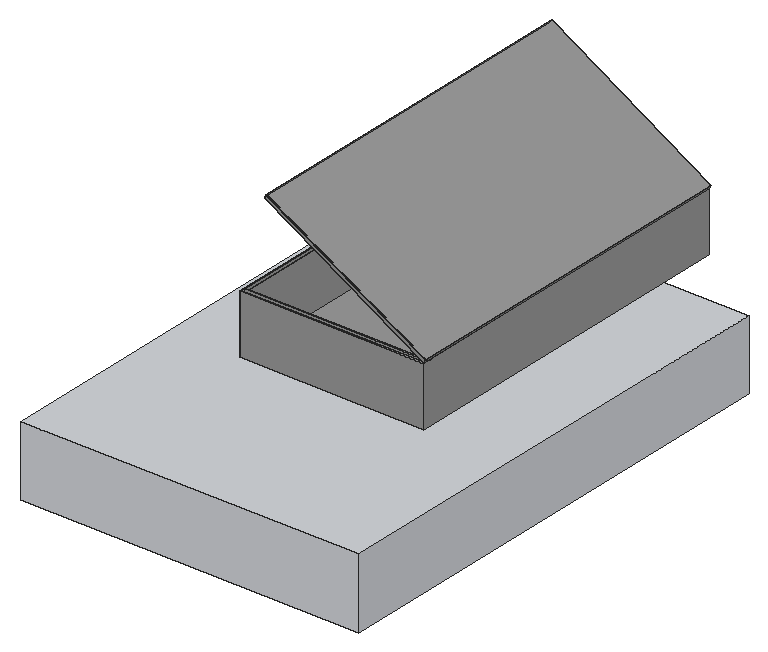
Revit family "Hager-Univers-IP55-D275-H1550-Cl.II-Steel_encl-AT-de", category Equipement électrique, Revit 2020
Family settings
  Hôte = Face
  Configuration du panneau = Deux colonnes, circuits au sein
  Cote de connecteur circulaire = Utiliser le diamètre
  Type d'élément = Tableau de raccordement
  Couper avec des vides une fois chargée = Non
  Partagée = Non
  Point de calcul de pièce = Non
Parameters (values of type "Aufputz IP55 B800 H1550 T275  - FR03S")
  Width Control [instance] = if([EF000008 - Breite] > Min Width, [EF000008 - Breite], Min Width)  # 800 mm
  Commentaires du type = [HG000003 - Bereich]  # "Univers"
  Thickness Door [instance] = if([EF009171 - Materialstärke Tür/Deckel] > 3 mm, 3 mm, [EF009171 - Materialstärke Tür/Deckel])  # 1.5 mm
  Seal Frame Offset [instance] = 17 mm  # constant formula
  Plinth Visibility [instance] = [HG000027 - Sockelhöhe] > 0 mm  # no
  Model = ""
  Min Width [instance] = 100 mm  # constant formula
  Min Height [instance] = 100 mm  # constant formula
  Min Depth [instance] = (2 * [EF009170 - Materialstärke Gehäuse]) + 1 mm  # 4 mm
  Internal Frame Depth [instance] = (Door System Depth * 0.5)  # 9 mm
  Height Control [instance] = if([EF000040 - Höhe] > Min Height, [EF000040 - Höhe], Min Height)  # 1550 mm
  HG000027 - Sockelhöhe = 0 mm
  HG000026 - Stehend auf dem Boden = no
  HG000024 - Höhe des unteren Teils = 800 mm
  HG000023 - Gehäuse mit doppeltem Querschnitt = no
  HG000016 - 3D-Türsichtbarkeit [instance] = yes
  HG000015 - Sichtbarkeit der Türöffnung [instance] = no
  HG000014 - Tür rechts [instance] = yes
  HG000013 - Tür links [instance] = not([HG000014 - Tür rechts])  # no
  HG000012 - Türschwenkwinkel [instance] = 30.00°
  HG000010 - Asymmetrische Türen = no
  HG000009 - Doppelflügeligen Tür = no
  HG000006 - Unterputz = no
  HG000004 - Herstellerreferenz = "FR03S"
  HG000003 - Bereich = "Univers"
  HG000002 - Mit tür = yes
  Frame Offset Bottom [instance] = 10 mm  # constant formula
  Frame Offset [instance] = 15 mm  # constant formula
  EF015940 - Deckel mit Überdruckentlastung = no
  EF011959 - Schutzart (NEMA) = ""
  EF009554 - Anzahl der Öffnungen für Flanschplatten = 6
  Fabricant = "Hager"  # constant formula
  EF009212 - Ausführung Deckel = "EV000116 - geschlossen"
  EF009171 - Materialstärke Tür/Deckel = 1.5 mm
  EF009170 - Materialstärke Gehäuse = 1.5 mm
  EF008873 - Nennstrom (In) = 800 A
  EF007800 - Geeignet für Blitzschutz = no
  EF006306 - Mit Schloss = no
  EF006244 - Transparenter Deckel/Tür = no
  EF005474 - Schutzart (IP) = "EV006420 - IP55"
  EF004464 - Art der Tür = "EV002646 - Einzel"
  EF004427 - Anzahl der Module = 360
  EF004293 - Schlagfestigkeit = "EV008784 - IK10"
  EF003532 - Geeignet für Außengebrauch = no
  EF002950 - Breite in Teilungseinheiten = 24
  EF001613 - Funktionserhalt = "EV000494 - ohne"
  EF001596 - Werkstoff des Gehäuses = "EV000179 - Stahl"
  EF001131 - Innentiefe = 275 mm
  EF001088 - Anbaumöglichkeit = yes
  EF000437 - Anzahl der Leitungseinführungen = 6
  EF000339 - Art der Abdeckung = "EV004216 - Tür"
  EF000266 - Anzahl der Reihen = 10
  EF000218 - Einbautiefe = 0 mm
  EF000118 - Mit Montageplatte = no
  EF000116 - RAL-Nummer = "7035"
  EF000049 - Tiefe = 275 mm
  EF000040 - Höhe = 1550 mm
  EF000008 - Breite = 800 mm
  EF000007 - Farbe = "EV000270 - grau"
  EF000003 - Montageart = "EV000384 - Aufputz"
  Door System Leaf Tolerance [instance] = 1.5 mm  # constant formula
  Door System Depth [instance] = 18 mm  # constant formula
  Door Height [instance] = Height Control - [HG000027 - Sockelhöhe]  # 1550 mm
  Depth Control [instance] = if([EF000049 - Tiefe] > Min Depth, [EF000049 - Tiefe], Min Depth)  # 275 mm
  Default Elevation = 0 mm
  Connector Offset [instance] = Height Control / 2  # 775 mm
  Bottom Top Plate Trim [instance] = 1.5 mm  # constant formula
  Plinth height Ctrl [instance] = if([HG000027 - Sockelhöhe] > 0 mm, [HG000027 - Sockelhöhe], 12 mm)  # 12 mm
Types (5, lengths in mm): name | Width Control | HG000010 - Asymmetrische Türen | HG000009 - Doppelflügeligen Tür | HG000004 - Herstellerreferenz | EF009554 - Anzahl der Öffnungen für Flanschplatten | EF004464 - Art der Tür | EF004427 - Anzahl der Module | EF000437 - Anzahl der Leitungseinführungen | EF000008 - Breite
  Aufputz IP55 B1050 H1550 T275  - FR04S | 1050 | no | yes | "FR04S" | 8 | "EV003602 - Doppel" | 480 | 8 | 1050
  Aufputz IP55 B1300 H1550 T275  - FR05S | 1300 | yes | yes | "FR05S" | 10 | "EV003602 - Doppel" | 600 | 10 | 1300
  Aufputz IP55 B300 H1550 T275  - FR01S | 300 | no | no | "FR01S" | 2 | "EV002646 - Einzel" | 120 | 2 | 300
  Aufputz IP55 B550 H1550 T275  - FR02S | 550 | no | no | "FR02S" | 4 | "EV002646 - Einzel" | 240 | 4 | 550
  Aufputz IP55 B800 H1550 T275  - FR03S | 800 | no | no | "FR03S" | 6 | "EV002646 - Einzel" | 360 | 6 | 800
Reference planes
  plane 1 "Center (Front/Back)": y = 0
  plane 2: z = 0
  plane 3 "Center (Left/Right)": x = 0
  plane 4: z = 275
  plane 5: y = 1.5
  plane 6: y = 775
  plane 7: y = 0
  plane 8: y = 1550
  plane 9: z = 0
  plane 10: x = -385
  plane 11: x = 385
  plane 12: x = 383.5
  plane 13: x = -383.5
  plane 14: y = 1548.5
  plane 15: x = -383
  plane 16: x = -400
  plane 17: x = 383
  plane 18: x = 400
  plane 19: x = 398.5
  plane 20: x = -398.5
  plane 21: y = 11.5
  plane 22: y = 1550
  plane 23: y = 1533.5
  plane 24: z = 257
  plane 25: z = 1.5
  plane 26: z = 255.5
  plane 27: z = 273.5
Forms (mm)
  Extrusion 1, solid
    sketch origin (0, 0, 0) x (1, 0, 0) y (0, 1, 0)
      loop
        line (-702.964, 1305) -> (-702.964, -811.445) -> (766.763, -811.445) -> (766.763, 1305) -> (-702.964, 1305)
    from 0 to -304.8
  Extrusion 2, solid, material "Hager_Steel_RAL7035_Light_Grey", visible <- "Plinth Visibility", detail levels medium+fine
    sketch origin (0, 0, 0) x (1, 0, 0) y (0, 1, 0)
      loop
        line (-400, 0) -> (400, 0) -> (400, 12) -> (-400, 12) -> (-400, 0)
    from 0 to 257
  Extrusion 3, solid, material "Hager_Steel_RAL7035_Light_Grey", detail levels medium+fine
    sketch origin (0, 0, 0) x (1, 0, 0) y (0, 1, 0)
      loop
        line (-400, 0) -> (400, 0) -> (400, 1550) -> (-400, 1550) -> (-400, 0)
    from 0 to 257
  Extrusion 4, void
    sketch origin (0, 0, 0) x (1, 0, 0) y (0, 1, 0)
      loop
        line (-398.5, 1.5) -> (398.5, 1.5) -> (398.5, 1548.5) -> (-398.5, 1548.5) -> (-398.5, 1.5)
    from 1.5 to 255.5
  Extrusion 5, void
    sketch origin (-381.607, -4572, 257) x (0, -1, 0) y (-1, 0, 0)
      loop
        line (-4583.5, 1.893) -> (-6105.5, 1.893) -> (-6105.5, -765.107) -> (-4583.5, -765.107) -> (-4583.5, 1.893)
    from 0 to 1.5 <- "EF009170 - Materialstärke Gehäuse"
  Extrusion 6, solid, material "Hager_Steel_RAL7035_Light_Grey", detail levels fine
    sketch origin (0, 0, 257) x (1, 0, 0) y (0, 1, 0)
      loop
        line (-383.5, 1533.5) -> (-383.5, 11.5) -> (383.5, 11.5) -> (383.5, 1533.5) -> (-383.5, 1533.5)
      loop
        line (-385, 10) -> (385, 10) -> (385, 1535) -> (-385, 1535) -> (-385, 10)
    from 0 to 9 <- "Internal Frame Depth"
  Extrusion 7, solid, material "Hager_Steel_RAL7035_Light_Grey", detail levels coarse
    sketch origin (0, 0, 0) x (1, 0, 0) y (0, 1, 0)
      loop
        line (-400, 0) -> (400, 0) -> (400, 1550) -> (-400, 1550) -> (-400, 0)
    from 0 to 275
  Sweep 8, void
    path in 3D
      loop
        line (-400, 12, 0) -> (400, 12, 0) -> (400, 12, 257) -> (-400, 12, 257) -> (-400, 12, 0)
    profile origin (-400, 12, 128.5) x (-1, 0, 0) y (0, -1, 0)
      loop
        line (0, 0) -> (0, 1.5) -> (-1.5, 1.5)
        arc (-1.5, 1.5) -> (-1.061, 0.439) -> (0, 0) r 1.5
Cuts and joins
  Extrusion 4, Extrusion 5 cuts Extrusion 3
  Sweep 8 cuts Extrusion 2
Lines and regions (mm)
  Masking region 1
    outline origin (0, 0, 0) x (1, 0, 0) y (0, 0, 1)
      loop
        line (-400, 275) -> (-400, 0) -> (400, 0) -> (400, 275) -> (-400, 275)
  Masking region 2, detail levels medium+fine
    outline origin (0, 140, 0) x (0, 1, 0) y (0, 0, 1)
      loop
        line (-140, 0) -> (1410, 0) -> (1410, 257) -> (-140, 257) -> (-140, 0)
  Masking region 3, not visible, detail levels medium+fine
    outline origin (0, 297.922, 0) x (0, 1, 0) y (0, 0, 1)
      loop
        line (488.578, 0) -> (528.578, 0) -> (528.578, 263.5)
        arc (528.578, 263.5) -> (525.649, 270.571) -> (518.578, 273.5) r 10
        line (518.578, 273.5) -> (488.578, 273.5) -> (488.578, 0)
  Masking region 4, detail levels coarse
    outline origin (0, 0, 180) x (0, 1, 0) y (0, 0, 1)
      loop
        line (0, -180) -> (1550, -180) -> (1550, 95) -> (0, 95) -> (0, -180)
  Masking region 5, visible <- "Plinth Visibility", detail levels medium+fine
    outline origin (0, 52.24, 12.345) x (0, 0, -1) y (0, 1, 0)
      loop
        line (10.845, -40.24) -> (-243.155, -40.24)
        arc (-243.155, -40.24) -> (-243.594, -41.301) -> (-244.655, -41.74) r 1.5
        line (-244.655, -41.74) -> (-244.655, -52.24) -> (12.345, -52.24) -> (12.345, -41.74)
        arc (12.345, -41.74) -> (11.285, -41.301) -> (10.845, -40.24) r 1.5
  Masking region 6, detail levels medium+fine
    outline origin (-381.607, -4572, 257) x (-1, 0, 0) y (0, -1, 0)
      loop
        line (18.393, -6122) -> (18.393, -4572) -> (-781.607, -4572) -> (-781.607, -6122) -> (18.393, -6122)
  Masking region 7, visible <- "Plinth Visibility", detail levels medium+fine
    outline origin (-381.607, -4727, 257) x (-1, 0, 0) y (0, -1, 0)
      loop
        arc (16.893, -4739) -> (17.332, -4737.939) -> (18.393, -4737.5) r 1.5
        line (18.393, -4737.5) -> (18.393, -4727) -> (-781.607, -4727) -> (-781.607, -4737.5)
        arc (-781.607, -4737.5) -> (-780.546, -4737.939) -> (-780.107, -4739) r 1.5
        line (-780.107, -4739) -> (16.893, -4739)
  Masking region 8, detail levels coarse
    outline origin (-442.548, -4669.526, 257) x (-1, 0, 0) y (0, -1, 0)
      loop
        line (-42.548, -6219.526) -> (-42.548, -4669.526) -> (-842.548, -4669.526) -> (-842.548, -6219.526) -> (-42.548, -6219.526)
  sketch lines
    curve 1: line (-400, 12, 257) -> (-400, 12, 0)
    curve 2: line (400, 12, 257) -> (-400, 12, 257)
    curve 3: line (400, 12, 257) -> (400, 12, 0)
    curve 4: line (-400, 12, 0) -> (400, 12, 0)
Dimensions and locks
  "Depth Control": plane 4 to Extrusion 1
  "HG000027 - Sockelhöhe": plane 1 "Center (Front/Back)" to plane 7
  "EF009170 - Materialstärke Gehäuse": plane 5 to plane 7
  locked: connector elem to plane 3 "Center (Left/Right)"
  equal spacing: plane 8, plane 6, plane 7
  locked: connector elem to plane 6
  "EF009170 - Materialstärke Gehäuse": plane 8 to plane 14
  "EF009170 - Materialstärke Gehäuse": plane 10 to plane 13
  "EF009170 - Materialstärke Gehäuse": plane 12 to plane 11
  "Frame Offset": plane 20 to plane 13
  "Frame Offset": plane 12 to plane 19
  "EF009170 - Materialstärke Gehäuse": plane 16 to plane 20
  "EF009170 - Materialstärke Gehäuse": plane 19 to plane 18
  "Seal Frame Offset": plane 16 to plane 15
  "Seal Frame Offset": plane 17 to plane 18
  "Frame Offset Bottom": plane 21 to plane 5
  "Frame Offset": plane 14 to plane 23
  equal spacing: plane 16, plane 3 "Center (Left/Right)", plane 18
  "Width Control": plane 16 to plane 18
  "EF009170 - Materialstärke Gehäuse": plane 4 to plane 27
  "EF009170 - Materialstärke Gehäuse": plane 24 to plane 26
  "EF009170 - Materialstärke Gehäuse": plane 25 to level
  "Door System Depth": plane 4 to plane 24
  "Height Control": plane 1 "Center (Front/Back)" to Extrusion 7 sketch curve
  "Height Control": Masking region 4 sketch curve to plane 1 "Center (Front/Back)"
  "Height Control": plane 1 "Center (Front/Back)" to plane 22
  "Bottom Top Plate Trim": profile plane to Sweep 8 sketch curve
  "Bottom Top Plate Trim": Sweep 8 sketch curve to profile plane
  "Plinth height Ctrl": plane 1 "Center (Front/Back)" to Extrusion 2 sketch curve
  "Plinth height Ctrl": Masking region 5 sketch curve to plane 1 "Center (Front/Back)"
  "Plinth height Ctrl": plane 1 "Center (Front/Back)" to Masking region 7 sketch curve
  "Thickness Door": Extrusion 6 sketch curve to Extrusion 6 sketch curve  (x3)
  "Thickness Door": cut or joined group of Extrusion 3, Extrusion 4, Extrusion 5 to Extrusion 6 sketch curve
  radius of Masking region 3 sketch curve = 10 mm
  "Bottom Top Plate Trim": radius of Masking region 5 sketch curve  (x2)
  "Bottom Top Plate Trim": radius of Sweep 8 sketch curve
  "Bottom Top Plate Trim": radius of Masking region 7 sketch curve  (x2)
  aligned and locked: plane 2 to Extrusion 1
  aligned and locked: level to Extrusion 1
  aligned and locked: level to Masking region 1 sketch curve
  aligned and locked: Masking region 1 sketch curve to plane 18
  aligned and locked: Masking region 1 sketch curve to plane 16
  aligned and locked: plane 7 to Masking region 2 sketch curve
  aligned and locked: level to Masking region 3 sketch curve
  aligned and locked: Masking region 3 sketch curve to plane 27
  aligned and locked: level to Masking region 2 sketch curve
  aligned and locked: plane 1 "Center (Front/Back)" to Extrusion 2 sketch curve
  aligned and locked: Extrusion 3 sketch curve to plane 7
  aligned and locked: plane 16 to Extrusion 3 sketch curve
  aligned and locked: plane 18 to Extrusion 3 sketch curve
  aligned and locked: plane 20 to Extrusion 4 sketch curve
  aligned and locked: plane 19 to Extrusion 4 sketch curve
  aligned and locked: Extrusion 4 sketch curve to plane 5
  aligned and locked: Extrusion 4 to plane 25
  aligned and locked: plane 26 to Extrusion 4
  aligned and locked: plane 24 to Extrusion 3
  aligned and locked: Extrusion 5 sketch curve to plane 21
  aligned and locked: Extrusion 5 sketch curve to plane 13
  aligned and locked: Extrusion 5 sketch curve to plane 12
  aligned and locked: plane 18 to Extrusion 7 sketch curve
  aligned and locked: plane 1 "Center (Front/Back)" to Extrusion 7 sketch curve
  aligned and locked: plane 16 to Extrusion 7 sketch curve
  aligned and locked: plane 4 to Extrusion 7
  aligned and locked: Extrusion 7 to level
  aligned and locked: level to Masking region 4 sketch curve
  aligned and locked: Masking region 4 sketch curve to plane 1 "Center (Front/Back)"
  aligned and locked: Masking region 4 sketch curve to plane 4
  aligned and locked: nested 1 to level
  aligned and locked: nested 1 to plane 16
  aligned and locked: plane 8 to Extrusion 3 sketch curve
  aligned and locked: plane 23 to Extrusion 5 sketch curve
  aligned and locked: plane 14 to Extrusion 4 sketch curve
  aligned and locked: Masking region 2 sketch curve to plane 8
  aligned and locked: level to Masking region 5 sketch curve
  aligned and locked: plane 16 to Extrusion 2 sketch curve
  aligned and locked: plane 18 to Extrusion 2 sketch curve
  aligned and locked: Masking region 5 sketch curve to plane 24
  aligned and locked: Masking region 2 sketch curve to plane 24
  aligned and locked: plane 24 to Extrusion 2
  aligned and locked: profile plane to Sweep 8 sketch curve  (x2)
  aligned and locked: Masking region 6 sketch curve to plane 18
  aligned and locked: Masking region 6 sketch curve to plane 22
  aligned and locked: Masking region 6 sketch curve to plane 16
  aligned and locked: plane 8 to plane 22
  aligned and locked: Masking region 6 sketch curve to plane 7
  aligned and locked: Masking region 7 sketch curve to plane 16
  aligned and locked: Masking region 7 sketch curve to plane 1 "Center (Front/Back)"
  aligned and locked: Masking region 7 sketch curve to plane 18
  aligned and locked: Masking region 8 sketch curve to plane 1 "Center (Front/Back)"
  aligned and locked: Masking region 8 sketch curve to plane 18
  aligned and locked: Masking region 8 sketch curve to plane 22
  aligned and locked: Masking region 8 sketch curve to plane 16
  aligned and locked: nested 2 to plane 7
  aligned and locked: plane 3 "Center (Left/Right)" to nested 2
  aligned and locked: nested 2 to plane 24
  aligned and locked: Extrusion 6 sketch curve to cut or joined group of Extrusion 3, Extrusion 4, Extrusion 5  (x4)
Automatic sketch dimensions
  Extrusion 1 sketch curve to Extrusion 1 sketch curve = 1469.727 mm
  Extrusion 1 sketch curve to Extrusion 1 sketch curve = 2116.445 mm
  Masking region 1 sketch curve to plane 4 = 0 mm
  plane 6 to Masking region 3 sketch curve = 11.5 mm
  Masking region 3 sketch curve to Masking region 3 sketch curve = 30 mm
  Masking region 5 sketch curve to plane 1 "Center (Front/Back)" = 0 mm
Nested families
  nested 1: "Hager_Enclosure_Symbol" at (-400, 0, 0) x (1, 0, 0) z (0, -1, 0), Height <- "Depth Control", Width <- "Width Control", type "Hager_Enclosure_Symbol"
    with Width_Ctrl 800 mm, Width 800 mm, Height_Ctrl 275 mm, Height 275 mm, A_Width_Int 18.047 mm, A_Width 216.562 mm, A_Height_Ctrl 240.625 mm, A_Height 240.625 mm
  nested 2: "EC000058_Univers_Door" at (0, 0, 257) x (1, 0, 0) z (0, 1, 0), Leaf_Tolerance <- "Door System Leaf Tolerance", Angle <- "HG000012 - Türschwenkwinkel", Door_Depth <- "Door System Depth", Door_Left <- "HG000013 - Tür links", Transparent <- "EF006244 - Transparenter Deckel/Tür", Assymetrical <- "HG000010 - Asymmetrische Türen", Width <- "Width Control", Clearance <- "HG000015 - Sichtbarkeit der Türöffnung", Double <- "HG000009 - Doppelflügeligen Tür", 3d_Door <- "HG000016 - 3D-Türsichtbarkeit", Lock_Visibility <- "EF006306 - Mit Schloss", Width_Ctrl <- "Width Control", Door_Right <- "HG000014 - Tür rechts", Door <- "HG000002 - Mit tür", Height <- "Door Height", Thickness <- "Thickness Door", type "EC000058_Univers_Door", detail levels medium+fine
    with min_wh 4 mm, Width_Ctrl 800 mm, Width 800 mm, Transparent no, Thickness 1.5 mm, Seal_Material Hager_Rubber, Lock_Visibility no, Lock_Material Hager_Plastic_RAL9005_Jet_Black, Leaf_Width 800 mm, Leaf_Tolerance_External_Sides 0 mm, Leaf_Tolerance 1.5 mm, Leaf_Offset 0 mm, Leaf_Height 1547 mm, Leaf_2_Width 800 mm, Leaf_2_Offset 400 mm, Leaf_1_Width 800 mm, Leaf_1_Offset 400 mm, Height_Ctrl 1550 mm, Height 1550 mm, Glass_Material Hager_Glass, Double_Clearance_Ctrl no, Double no, Door_Right_Ctrl yes, Door_Right yes, Door_Material Hager_Steel_RAL7035_Light_Grey, Door_Left_Ctrl no, Door_Left no, Door_Depth 18 mm, Door yes, Clearance_Material Hager_Clearance, Clearance_Depth 800 mm, Clearance_Ctrl no, Clearance no, Assymetrical no, Angle 30.00°, 3d_Door yes
Connectors
  electrical at (0, 775, 0)
    settings: on plane 9, index 1, voltage 0 V, apparent load 0 VA, apparent load phase1 0 VA, apparent load phase2 0 VA, apparent load phase3 0 VA, power factor 1, load classification "Other", number of poles 1, system type 30, power factor state 1, is connector primary yes, connector utility no, sub classification motor no, connector description ""
Definition of nested family "EC000058_Univers_Door"
  Parameters (values of type "EC000058_Univers_Door")
    min_wh [instance] = (2 * Thickness) + 1 mm  # 11 mm
    Width_Ctrl [instance] = 400 mm
    Width [instance] = 500 mm
    Transparent [instance] = yes
    Thickness [instance] = 5 mm
    Seal_Material [instance] = none
    Lock_Visibility [instance] = yes
    Lock_Material [instance] = none
    Leaf_Width [instance] = if((Width_Ctrl - 2 * Leaf_Tolerance_External_Sides) > 0 mm, (Width_Ctrl - 2 * Leaf_Tolerance_External_Sides), min_wh)  # 400 mm
    Leaf_Tolerance_External_Sides [instance] = 0 mm  # constant formula
    Leaf_Tolerance [instance] = 1.5 mm
    Leaf_Offset [instance] = 0 mm  # constant formula
    Leaf_Height [instance] = if((Height_Ctrl - 2 * Leaf_Tolerance) > 0 mm, (Height_Ctrl - 2 * Leaf_Tolerance), min_wh)  # 497 mm
    Leaf_2_Width [instance] = if(and(and(Double, Assymetrical), Door_Left), (Leaf_Width / 3) - (Leaf_Tolerance / 2), if(and(and(Double, Assymetrical), Door_Right), (Leaf_Width / 3) * 2 - (Leaf_Tolerance / 2), if(and(Double, not(Assymetrical)), (Leaf_Width / 2) - Leaf_Tolerance, Leaf_Width)))  # 400 mm
    Leaf_2_Offset [instance] = if(and(Double, Assymetrical), Leaf_2_Width / 2, if(and(Double, not(Assymetrical)), Leaf_Width / 4, Leaf_Width / 2))  # 200 mm
    Leaf_1_Width [instance] = if(and(and(Double, Assymetrical), Door_Right), (Leaf_Width / 3) - (Leaf_Tolerance / 2), if(and(and(Double, Assymetrical), Door_Left), (Width / 3) * 2 - (Leaf_Tolerance / 2), if(and(Double, not(Assymetrical)), (Leaf_Width / 2) - Leaf_Tolerance, Leaf_Width)))  # 400 mm
    Leaf_1_Offset [instance] = if(and(Double, Assymetrical), Leaf_1_Width / 2, if(and(Double, not(Assymetrical)), Leaf_Width / 4, Leaf_Width / 2))  # 200 mm
    Height_Ctrl [instance] = if(Height > min_wh, Height, min_wh)  # 500 mm
    Height [instance] = 500 mm
    Glass_Material [instance] = none
    Double_Clearance_Ctrl [instance] = and(Double, Clearance)  # no
    Double [instance] = no
    Door_Right_Ctrl [instance] = and(or(Door_Right, Double), Door)  # yes
    Door_Right [instance] = yes
    Door_Material [instance] = none
    Door_Left_Ctrl [instance] = and(or(Door_Left, Double), Door)  # no
    Door_Left [instance] = no
    Door_Depth [instance] = 30 mm
    Door [instance] = yes
    Default Elevation = 1219.2 mm
    Clearance_Material [instance] = none
    Clearance_Depth [instance] = if(Leaf_1_Width > Leaf_2_Width, Leaf_1_Width, Leaf_2_Width)  # 400 mm
    Clearance_Ctrl [instance] = and(not(Double), Clearance)  # yes
    Clearance [instance] = yes
    Assymetrical [instance] = yes
    Angle [instance] = 30.00°
    3d_Door [instance] = yes
  Reference planes
    plane 1 "Center (Front/Back)": y = 0
    plane 2 "Bottom": z = 0
    plane 3 "Center (Left/Right)": x = 0
    plane 4: z = 500
    plane 5: x = -200
    plane 6: x = 200
    plane 7: z = 500
    plane 8: x = -200
    plane 9: z = 0
    plane 10: x = 200
    plane 11: y = 0
    plane 12: z = 1.5
    plane 13: x = -600
    plane 14: y = -400
    plane 15: x = 600
    plane 16: x = 0
    plane 17: x = 0
    plane 18: x = -200
    plane 19: x = 200
    plane 20: z = 498.5
  Forms (mm)
    Extrusion 1, solid, material <- "Clearance_Material", visible <- "Double_Clearance_Ctrl"
      sketch origin (1200, 0, 0) x (1, 0, 0) y (0, 0, -1)
        loop
          line (-1800, -498.5) -> (-600, -498.5) -> (-600, 0) -> (-1800, 0) -> (-1800, -498.5)
      from 0 to -400
  Dimensions and locks
    equal spacing: plane 5, plane 3 "Center (Left/Right)", plane 6
    "Width_Ctrl": plane 5 to plane 6
    "Leaf_Offset": plane 5 to plane 8
    "Leaf_Offset": plane 6 to plane 10
    "Leaf_Offset": plane 9 to level
    "Leaf_Offset": plane 4 to plane 7
    "Height_Ctrl": plane 4 to level
    "Leaf_Tolerance": plane 12 to plane 9
    locked: plane 11 to plane 1 "Center (Front/Back)"
    "Leaf_1_Offset": plane 18 to plane 16
    "Leaf_2_Offset": plane 17 to plane 19
    "Leaf_1_Width": plane 13 to plane 8
    "Leaf_2_Width": plane 10 to plane 15
    "Clearance_Depth": plane 14 to plane 1 "Center (Front/Back)"
    "Leaf_Tolerance_External_Sides": plane 8 to plane 18
    "Leaf_Tolerance_External_Sides": plane 19 to plane 10
    "Leaf_Tolerance": plane 7 to plane 20
    aligned and locked: level to plane 2 "Bottom"
    aligned and locked: nested 1 to plane 16
    aligned and locked: nested 2 to plane 17
    aligned and locked: Extrusion 1 to plane 13
    aligned and locked: plane 15 to Extrusion 1
    aligned and locked: Extrusion 1 to plane 14
    aligned and locked: plane 12 to nested 1
    aligned and locked: nested 2 to plane 12
    aligned and locked: Extrusion 1 to plane 11
    aligned and locked: plane 20 to Extrusion 1
    aligned and locked: nested 2 to plane 11
    aligned and locked: nested 1 to plane 11
  Automatic sketch dimensions
    Extrusion 1 sketch curve to level = 0 mm
    plane 5 to Extrusion 1 sketch curve = 400 mm
    plane 6 to Extrusion 1 sketch curve = 400 mm
    Extrusion 1 sketch curve to plane 4 = 1.5 mm
  Nested families
    nested 1: "EC000058_Univers_Door_Leaf" at (0, 0, 1.5), Width <- "Leaf_1_Width", visible <- "Door_Left_Ctrl", Leaf_Height <- "Leaf_Height", Angle <- "Angle", 3d_Door <- "3d_Door", Transparent <- "Transparent", Clearance Material <- "Clearance_Material", Clearance <- "Clearance_Ctrl", Door_Material <- "Door_Material", Glass_Material <- "Glass_Material", Door_Depth <- "Door_Depth", Lock_Material <- "Lock_Material", Seal_Material <- "Seal_Material", Lock_Visibility <- "Lock_Visibility", Thickness <- "Thickness", type "EC000058_Univers_Door_Leaf"
      with Width 400 mm, Transparent_Glass_Offset 30 mm, Transparent_Ctrl yes, Transparent yes, Thickness 5 mm, Standard no, Seal_Material none, Seal_D2 8 mm, Seal_D1 1 mm, Offset_Internal_Frame 10 mm, Lock_Width 20 mm, Lock_Visibility_3d yes, Lock_Visibility yes, Lock_Thickness_3 3 mm, Lock_Thickness_2 1 mm, Lock_Thickness_1 3 mm, Lock_Radius_Offset_2 16 mm, Lock_Radius_Offset_1 15 mm, Lock_Radius_2 5 mm, Lock_Radius 6 mm, Lock_Offset 5 mm, Lock_Material none, Lock_Height 80 mm, Lock_Cover_Top_Offset_2d 17 mm, Lock_Cover_Height -65 mm, Leaf_Height 497 mm, Internal_Seal_Thickness 8 mm, Internal_Seal_Depth_2 4.5 mm, Internal_Frame_Depth 25 mm, Glass_Thickness -1 mm, Glass_Offset -2 mm, Glass_Material none, Door_Material none, Door_Depth 30 mm, Clearance Material none, Clearance yes, Angle_Ctrl 30.00°, Angle 30.00°, 3d_Door yes
    nested 2: "EC000058_Univers_Door_Leaf" at (0, 0, 1.5) x (-1, 0, 0) z (0, 0, 1), Width <- "Leaf_2_Width", visible <- "Door_Right_Ctrl", Leaf_Height <- "Leaf_Height", Angle <- "Angle", 3d_Door <- "3d_Door", Transparent <- "Transparent", Clearance Material <- "Clearance_Material", Clearance <- "Clearance_Ctrl", Door_Material <- "Door_Material", Glass_Material <- "Glass_Material", Door_Depth <- "Door_Depth", Lock_Material <- "Lock_Material", Seal_Material <- "Seal_Material", Lock_Visibility <- "Lock_Visibility", Thickness <- "Thickness", type "EC000058_Univers_Door_Leaf"
      with Width 400 mm, Transparent_Glass_Offset 30 mm, Transparent_Ctrl yes, Transparent yes, Thickness 5 mm, Standard no, Seal_Material none, Seal_D2 8 mm, Seal_D1 1 mm, Offset_Internal_Frame 10 mm, Lock_Width 20 mm, Lock_Visibility_3d yes, Lock_Visibility yes, Lock_Thickness_3 3 mm, Lock_Thickness_2 1 mm, Lock_Thickness_1 3 mm, Lock_Radius_Offset_2 16 mm, Lock_Radius_Offset_1 15 mm, Lock_Radius_2 5 mm, Lock_Radius 6 mm, Lock_Offset 5 mm, Lock_Material none, Lock_Height 80 mm, Lock_Cover_Top_Offset_2d 17 mm, Lock_Cover_Height -65 mm, Leaf_Height 497 mm, Internal_Seal_Thickness 8 mm, Internal_Seal_Depth_2 4.5 mm, Internal_Frame_Depth 25 mm, Glass_Thickness -1 mm, Glass_Offset -2 mm, Glass_Material none, Door_Material none, Door_Depth 30 mm, Clearance Material none, Clearance yes, Angle_Ctrl 30.00°, Angle 30.00°, 3d_Door yes
  Definition of nested family "EC000058_Univers_Door_Leaf"
    Parameters (values of type "EC000058_Univers_Door_Leaf")
      Width [instance] = 2000 mm
      Transparent_Glass_Offset [instance] = 30 mm
      Transparent_Ctrl [instance] = and(Transparent, [3d_Door])  # yes
      Transparent [instance] = yes
      Thickness [instance] = 5 mm
      Standard [instance] = and(not(Transparent), [3d_Door])  # no
      Seal_Material [instance] = none
      Seal_D2 [instance] = 8 mm  # constant formula
      Seal_D1 [instance] = 1 mm  # constant formula
      Offset_Internal_Frame [instance] = 10 mm  # constant formula
      Lock_Width [instance] = 20 mm  # constant formula
      Lock_Visibility_3d [instance] = and(Lock_Visibility, [3d_Door])  # yes
      Lock_Visibility [instance] = yes
      Lock_Thickness_3 [instance] = 3 mm  # constant formula
      Lock_Thickness_2 [instance] = 1 mm  # constant formula
      Lock_Thickness_1 [instance] = 3 mm  # constant formula
      Lock_Radius_Offset_2 [instance] = Lock_Radius_Offset_1 + 1 mm  # 16 mm
      Lock_Radius_Offset_1 [instance] = 15 mm  # constant formula
      Lock_Radius_2 [instance] = Lock_Radius - 1 mm  # 5 mm
      Lock_Radius [instance] = 6 mm  # constant formula
      Lock_Offset [instance] = 5 mm  # constant formula
      Lock_Material [instance] = none
      Lock_Height [instance] = 80 mm  # constant formula
      Lock_Cover_Top_Offset_2d [instance] = Lock_Radius_Offset_2 + 1 mm  # 17 mm
      Lock_Cover_Height [instance] = -(Lock_Height - Lock_Radius_Offset_1)  # -65 mm
      Leaf_Height [instance] = 2720.336 mm
      Internal_Seal_Thickness [instance] = 8 mm  # constant formula
      Internal_Seal_Depth_2 [instance] = 4.5 mm  # constant formula
      Internal_Frame_Depth [instance] = if(Door_Depth - Thickness > 5 mm, Door_Depth - Thickness, 5 mm)  # 25 mm
      Glass_Thickness [instance] = if(Thickness > 15 mm, Glass_Offset + 10 mm, -1 mm)  # -1 mm
      Glass_Offset [instance] = if(Thickness > 15 mm, -(Thickness + 10 mm) / 2, -2 mm)  # -2 mm
      Glass_Material [instance] = none
      Door_Material [instance] = none
      Door_Depth [instance] = 30 mm
      Default Elevation = 0 mm
      Clearance Material [instance] = none
      Clearance [instance] = yes
      Angle_Ctrl [instance] = if(Angle > 180.00°, 180.00°, Angle)  # 90.00°
      Angle [instance] = 90.00°
      3d_Door [instance] = yes
    Reference planes
      plane 1 "Center (Front/Back)": y = 0
      plane 2: z = 0
      plane 3 "Center (Left/Right)": x = 0
      plane 4: y = 2000
      plane 5: x = -1000
      plane 6: x = 1000
      plane 7: x = -3000
      plane 8: z = 2720.336
      plane 9: z = 30
      plane 10: z = 2690.336
      plane 11: x = 970
      plane 12: x = -970
      plane 13: y = -3
      plane 14: z = 107.833
      plane 15: y = -5
      plane 16: y = -223.314
      plane 17: x = -1000
      plane 18: z = 1360.168
      plane 19: y = 30
    Forms (mm)
      Extrusion 1, solid, material <- "Clearance Material", visible <- "Clearance"
        sketch origin (0, 0, 0) x (1, 0, 0) y (0, 0, 1)
          loop
            line (-3000, 2720.336) -> (-3000, 0) -> (1000, 0) -> (1000, 2720.336) -> (-3000, 2720.336)
        from 0 to -2000
      Extrusion 2, solid, material <- "Door_Material", visible <- "Standard", detail levels medium+fine
        sketch origin (-1000, 0, 0) x (0, 1, 0) y (-1, 0, 0)
          loop
            line (0, 30) -> (0, 25) -> (2000, 25) -> (2000, 30) -> (0, 30)
        from 0 to 2720.336 <- "Leaf_Height"
      Extrusion 3, solid, material <- "Door_Material", visible <- "Transparent_Ctrl", detail levels medium+fine
        sketch origin (-1000, 0, 0) x (0, 1, 0) y (-1, 0, 0)
          loop
            line (0, 25) -> (2000, 25) -> (2000, 30) -> (0, 30) -> (0, 25)
        from 0 to 2720.336 <- "Leaf_Height"
      Extrusion 4, void
        sketch origin (-1025, 2000, 0) x (0, 1, 0) y (0, 0, -1)
          loop
            line (-30, -2690.336) -> (-30, -30) -> (-1970, -30) -> (-1970, -2690.336) -> (-30, -2690.336)
        from 0 to 5 <- "Thickness"
      Sweep 5, solid, material <- "Seal_Material", visible <- "Transparent_Ctrl", detail levels fine
        path in 3D
          loop
            line (-1025, 30, 30) -> (-1025, 30, 2690.336) -> (-1025, 1970, 2690.336) -> (-1025, 1970, 30) -> (-1025, 30, 30)
        profile origin (-1025, 1000, 30) x (1, 0, 0) y (0, 0, 1)
          loop
            line (0, 0) -> (0, -8) -> (1, -8) -> (1, 0) -> (0, 0)
      Extrusion 6, solid, material <- "Glass_Material", visible <- "Transparent_Ctrl", detail levels medium+fine
        sketch origin (-1030, 0, 0) x (0, 1, 0) y (0, 0, -1)
          loop
            line (1970, -2690.336) -> (1970, -30) -> (30, -30) -> (30, -2690.336) -> (1970, -2690.336)
        from -2 <- "Glass_Offset" to -1 <- "Glass_Thickness"
      Extrusion 7, solid, material <- "Door_Material", visible <- "3d_Door", detail levels medium+fine
        sketch origin (-1025, 2000, 0) x (0, -1, 0) y (0, 0, -1)
          loop
            line (0, -2720.336) -> (2000, -2720.336) -> (2000, 0) -> (0, 0) -> (0, -2720.336)
          loop
            line (1995, -5) -> (5, -5) -> (5, -2715.336) -> (1995, -2715.336) -> (1995, -5)
        from 0 to 25 <- "Internal_Frame_Depth"
      Sweep 8, solid, material <- "Seal_Material", visible <- "Transparent_Ctrl", detail levels fine
        path in 3D
          loop
            line (-1025, 0, 0) -> (-1025, 2000, 0) -> (-1025, 2000, 2720.336) -> (-1025, 0, 2720.336) -> (-1025, 0, 0)
        profile origin (-1025, 0, 1360.168) x (1, 0, 0) y (0, 1, 0)
          loop
            line (0, 10) -> (2.975, 10)
            arc (2.975, 10) -> (4.053, 10.447) -> (4.5, 11.525) r 1.525
            line (4.5, 11.525) -> (4.5, 16.527)
            arc (4.5, 16.527) -> (4.069, 17.569) -> (3.027, 18) r 1.473
            line (3.027, 18) -> (0, 18) -> (0, 10)
      Extrusion 9, solid, material <- "Lock_Material", visible <- "Lock_Visibility_3d", detail levels fine
        sketch origin (-1030, 0, 0) x (0, 1, 0) y (0, 0, -1)
          loop
            arc (1993.5, -1400.168) -> (1994.561, -1399.729) -> (1995, -1398.668) r 1.5
            line (1995, -1398.668) -> (1995, -1320.168) -> (1975, -1320.168) -> (1975, -1398.668)
            arc (1975, -1398.668) -> (1975.439, -1399.729) -> (1976.5, -1400.168) r 1.5
            line (1976.5, -1400.168) -> (1993.5, -1400.168)
        from 3 <- "Lock_Thickness_1" to 0
      Blend 10, solid, material <- "Lock_Material", visible <- "Lock_Visibility_3d", detail levels fine
        base sketch origin (-1033, 0, 0) x (0, 1, 0) y (0, 0, -1)
          loop
            line (1975, -1320.168) -> (1975, -1398.668)
            arc (1975, -1398.668) -> (1975.439, -1399.729) -> (1976.5, -1400.168) r 1.5
            line (1976.5, -1400.168) -> (1993.5, -1400.168)
            arc (1993.5, -1400.168) -> (1994.561, -1399.729) -> (1995, -1398.668) r 1.5
            line (1995, -1398.668) -> (1995, -1320.168) -> (1975, -1320.168)
        top sketch origin (-1033, 0, 0) x (0, 1, 0) y (0, 0, -1)
          loop
            line (1976, -1320.168) -> (1976, -1398.668)
            arc (1976, -1398.668) -> (1976.146, -1399.022) -> (1976.5, -1399.168) r 0.5
            line (1976.5, -1399.168) -> (1993.5, -1399.168)
            arc (1993.5, -1399.168) -> (1993.854, -1399.022) -> (1994, -1398.668) r 0.5
            line (1994, -1398.668) -> (1994, -1320.168) -> (1976, -1320.168)
        from 0 to 1 <- "Lock_Thickness_2"
      Blend 11, solid, material <- "Lock_Material", visible <- "Lock_Visibility_3d", detail levels fine
        base sketch origin (-1034, 0, 0) x (0, 1, 0) y (0, 0, -1)
          loop
            line (1978, -1320.168) -> (1978, -1384.168)
            arc (1978, -1384.168) -> (1985, -1391.168) -> (1992, -1384.168) r 7
            line (1992, -1384.168) -> (1992, -1320.168) -> (1978, -1320.168)
        top sketch origin (-1034, 0, 0) x (0, 1, 0) y (0, 0, -1)
          loop
            line (1991, -1320.168) -> (1979, -1320.168) -> (1979, -1383.168)
            arc (1979, -1383.168) -> (1985, -1389.168) -> (1991, -1383.168) r 6
            line (1991, -1383.168) -> (1991, -1320.168)
        from 0 to 3 <- "Lock_Thickness_3"
      Extrusion 12, solid, material <- "Lock_Material", visible <- "Lock_Visibility_3d", detail levels fine
        sketch origin (-1030, 1975, 1320.168) x (1, 0, 0) y (0, -1, 0)
          loop
            line (-7, -19) -> (-7, -1) -> (0, -1) -> (0, 0) -> (-8, 0) -> (-8, -20) -> (0, -20) -> (0, -19) -> (-7, -19)
        from 0 to -65 <- "Lock_Cover_Height"
      Extrusion 13, void
        sketch origin (-1038, 1995, 1320.168) x (-1, 0, 0) y (0, 0, -1)
          loop
            line (-5, -65) -> (0, -65) -> (-5, -60) -> (-5, -65)
        from 0 to 20 <- "Lock_Width"
      Extrusion 14, void
        sketch origin (-1038, 1975, 1320.168) x (0, -1, 0) y (0, 0, -1)
          loop
            circle (-10, -15.995) r 6
          loop
            circle (-10, -15.995) r 5
        from 0 to 2
      Extrusion 15, solid, material <- "Lock_Material", visible <- "Lock_Visibility_3d", detail levels medium
        sketch origin (-1030, 0, 0) x (0, 1, 0) y (0, 0, -1)
          loop
            arc (1993.5, -1400.168) -> (1994.561, -1399.729) -> (1995, -1398.668) r 1.5
            line (1995, -1398.668) -> (1995, -1320.168) -> (1975, -1320.168) -> (1975, -1398.668)
            arc (1975, -1398.668) -> (1975.439, -1399.729) -> (1976.5, -1400.168) r 1.5
            line (1976.5, -1400.168) -> (1993.5, -1400.168)
        from 8 to 0
    Cuts and joins
      Extrusion 4 cuts Extrusion 3
      Extrusion 13, Extrusion 14 cuts Extrusion 9
      Extrusion 14 cuts Blend 11
      Extrusion 13, Extrusion 14 cuts Extrusion 12
      joined: Extrusion 9, Blend 10, Blend 11, Extrusion 12
      Extrusion 14 cuts Extrusion 15
    Lines and regions (mm)
      Masking region 1, visible <- "Lock_Visibility", detail levels fine
        outline origin (0, 0, 0) x (0, 1, 0) y (0, 0, 1)
          loop
            line (30, 1320.168) -> (33, 1320.168) -> (33, 1400.168) -> (30, 1400.168) -> (30, 1320.168)
      Masking region 2, visible <- "Lock_Visibility", detail levels fine
        outline origin (0, 3.143, 0) x (0, 1, 0) y (0, 0, 1)
          loop
            line (29.857, 1354.168) -> (30.857, 1354.168) -> (30.857, 1366.168) -> (29.857, 1366.168) -> (29.857, 1354.168)
      Masking region 3, detail levels medium+fine
        outline origin (0, 0, 0) x (0, 1, 0) y (0, 0, 1)
          loop
            line (0, 0) -> (30, 0) -> (30, 2720.336) -> (0, 2720.336) -> (0, 0)
      Masking region 4, detail levels medium+fine
        outline origin (0, 0, 0) x (1, 0, 0) y (0, 0, 1)
          loop
            line (-1000, 2720.336) -> (-1000, 0) -> (1000, 0) -> (1000, 2720.336) -> (-1000, 2720.336)
      Masking region 5, visible <- "Lock_Visibility", detail levels fine
        outline origin (-47.116, 0, 0) x (1, 0, 0) y (0, 0, 1)
          loop
            arc (1024.616, 1399.168) -> (1023.556, 1398.729) -> (1023.116, 1397.668) r 1.5
            line (1023.116, 1397.668) -> (1023.116, 1320.168) -> (1041.116, 1320.168) -> (1041.116, 1397.668)
            arc (1041.116, 1397.668) -> (1040.677, 1398.729) -> (1039.616, 1399.168) r 1.5
            line (1039.616, 1399.168) -> (1024.616, 1399.168)
      Masking region 6, visible <- "Lock_Visibility", detail levels medium+fine
        outline origin (-25, 0, 0) x (1, 0, 0) y (0, 0, 1)
          loop
            arc (1001.5, 1400.168) -> (1000.439, 1399.729) -> (1000, 1398.668) r 1.5
            line (1000, 1398.668) -> (1000, 1320.168) -> (1020, 1320.168) -> (1020, 1398.668)
            arc (1020, 1398.668) -> (1019.561, 1399.729) -> (1018.5, 1400.168) r 1.5
            line (1018.5, 1400.168) -> (1001.5, 1400.168)
      Masking region 7, visible <- "Lock_Visibility", detail levels fine
        outline origin (-73.735, 0, 0) x (1, 0, 0) y (0, 0, 1)
          loop
            line (1051.735, 1382.168) -> (1065.735, 1382.168) -> (1065.735, 1384.168)
            arc (1065.735, 1384.168) -> (1058.735, 1391.168) -> (1051.735, 1384.168) r 7
            line (1051.735, 1384.168) -> (1051.735, 1382.168)
      Masking region 8, visible <- "Lock_Visibility", detail levels fine
        outline origin (-73.735, 0, 0) x (1, 0, 0) y (0, 0, 1)
          loop
            line (1052.735, 1382.168) -> (1064.735, 1382.168) -> (1064.735, 1383.168)
            arc (1064.735, 1383.168) -> (1058.735, 1389.168) -> (1052.735, 1383.168) r 6
            line (1052.735, 1383.168) -> (1052.735, 1382.168)
      Masking region 9, visible <- "Lock_Visibility", detail levels fine
        outline origin (-25, 0, 0) x (1, 0, 0) y (0, 0, 1)
          loop
            line (1020, 1320.168) -> (1020, 1382.168) -> (1000, 1382.168) -> (1000, 1320.168) -> (1020, 1320.168)
      Masking region 10, detail levels medium+fine
        outline origin (0, 0, 0) x (1, 0, 0) y (0, 0, 1)
          loop
            circle (985, 1335.144) r 6
      Masking region 11, detail levels fine
        outline origin (0, 0, 0) x (1, 0, 0) y (0, 0, 1)
          loop
            circle (985, 1335.144) r 5
      Masking region 12, visible <- "Lock_Visibility", detail levels fine
        outline origin (0, 12.767, 0) x (0, 1, 0) y (0, 0, 1)
          loop
            line (20.233, 1320.168) -> (21.233, 1320.168) -> (21.233, 1399.168) -> (20.233, 1400.168) -> (20.233, 1320.168)
      Masking region 13, visible <- "Lock_Visibility", detail levels fine
        outline origin (0, 13.767, -10) x (0, 1, 0) y (0, 0, 1)
          loop
            line (20.233, 1330.168) -> (23.233, 1330.168) -> (23.233, 1399.168) -> (20.233, 1402.168) -> (20.233, 1330.168)
      Masking region 14, visible <- "Lock_Visibility", detail levels fine
        outline origin (0, 12.767, -10) x (0, 1, 0) y (0, 0, 1)
          loop
            line (20.233, 1330.168) -> (25.233, 1330.168) -> (25.233, 1399.305) -> (20.233, 1394.305) -> (20.233, 1330.168)
      Masking region 15, visible <- "Lock_Visibility", detail levels medium
        outline origin (0, 0, 0) x (0, 1, 0) y (0, 0, 1)
          loop
            line (30, 1320.168) -> (38, 1320.168) -> (38, 1400.168) -> (30, 1400.168) -> (30, 1320.168)
      Masking region 16, visible <- "Lock_Visibility", detail levels fine
        outline origin (-1000, 0, 0) x (0, 1, 0) y (-1, 0, 0)
          loop
            line (1975, 30) -> (1995, 30) -> (1995, 38) -> (1975, 38) -> (1975, 30)
          loop
            line (1979, 37) -> (1976, 37) -> (1976, 34) -> (1978, 34) -> (1979, 37)
          loop
            line (1994, 37) -> (1991, 37) -> (1992, 34) -> (1994, 34) -> (1994, 37)
      Masking region 17, visible <- "Lock_Visibility", detail levels medium
        outline origin (-1000, 0, 0) x (0, 1, 0) y (-1, 0, 0)
          loop
            line (1975, 30) -> (1995, 30) -> (1995, 38) -> (1975, 38) -> (1975, 30)
      symbolic lines
        curve 1: line (1000, 0, 0) -> (-3000, 0, 0)
        curve 2: arc (1000, 0, 0) -> (-1000, 2000, 0) -> (-3000, 0, 0) r 2000
        curve 4: line (-1030, 0, 0) -> (-1030, 2000, 0)
      reference lines
        curve 3: line (-1000, 0, 0) -> (-1000, 2000, 0)
      symbolic lines, detail levels medium+fine
        curve 5: line (-1030, 2000, 0) -> (-1025, 2000, 0)
        curve 7: line (-1025, 0, 0) -> (-1030, 0, 0)
        curve 8: line (-1025, 0, 0) -> (-1000, 0, 0)
        curve 9: line (-1000, 0, 0) -> (-1000, 2000, 0)
        curve 10: line (-1000, 2000, 0) -> (-1025, 2000, 0)
      symbolic lines, detail levels fine
        curve 6: line (-1025, 2000, 0) -> (-1025, 0, 0)
      sketch lines
        curve 11: line (-1025, 0, 2720.336) -> (-1025, 0, 0)
        curve 12: line (-1025, 2000, 0) -> (-1025, 0, 0)
        curve 13: line (-1025, 2000, 2720.336) -> (-1025, 2000, 0)
        curve 14: line (-1025, 0, 2720.336) -> (-1025, 2000, 2720.336)
        curve 15: line (-1025, 1970, 30) -> (-1025, 30, 30)
        curve 16: line (-1025, 30, 30) -> (-1025, 30, 2690.336)
        curve 17: line (-1025, 1970, 2690.336) -> (-1025, 1970, 30)
        curve 18: line (-1025, 30, 2690.336) -> (-1025, 1970, 2690.336)
      symbolic lines, visible <- "Transparent", detail levels medium+fine
        curve 19: line (-970, 0, 2690.336) -> (970, 0, 2690.336)
        curve 20: line (-970, 0, 30) -> (-970, 0, 2690.336)
        curve 21: line (970, 0, 30) -> (-970, 0, 30)
        curve 22: line (970, 0, 2690.336) -> (970, 0, 30)
    Dimensions and locks
      "Width": plane 1 "Center (Front/Back)" to plane 4
      equal spacing: plane 5, plane 3 "Center (Left/Right)", plane 6
      "Width": plane 5 to plane 6
      "Width": plane 7 to plane 5
      "Leaf_Height": plane 8 to level
      "Width": curve 5 to curve 3
      "Width": curve 3 to curve 3
      plane 8 to plane 10 = 30 mm
      plane 9 to level = 30 mm
      plane 12 to plane 5 = 30 mm
      plane 6 to plane 11 = 30 mm
      Extrusion 1 to Extrusion 4 sketch curve = 30 mm
      "Transparent_Glass_Offset": curve 3 to Extrusion 4 sketch curve
      "Transparent_Glass_Offset": Extrusion 4 sketch curve to cut or joined group of Extrusion 3, Extrusion 4  (x2)
      cut or joined group of Extrusion 3, Extrusion 4 to Extrusion 6 sketch curve = 30 mm
      "Transparent_Glass_Offset": cut or joined group of Extrusion 3, Extrusion 4 to Extrusion 4 sketch curve
      "Thickness": curve 6 to curve 4
      "Thickness": Extrusion 7 sketch curve to Extrusion 7 sketch curve  (x4)
      "Door_Depth": curve 4 to curve 3
      "Offset_Internal_Frame": profile plane to Sweep 8 sketch curve
      "Internal_Seal_Thickness": Sweep 8 sketch curve to Sweep 8 sketch curve
      "Internal_Seal_Depth_2": profile plane to Sweep 8 sketch curve
      "Seal_D1": profile plane to Sweep 5 sketch curve
      "Seal_D2": profile plane to Sweep 5 sketch curve
      "Thickness": Extrusion 2 sketch curve to Extrusion 2 sketch curve
      equal spacing: Extrusion 9 sketch curve, plane 18, Extrusion 9 sketch curve  (x2)
      equal spacing: Masking region 1 sketch curve, plane 18, Masking region 1 sketch curve
      "Lock_Height": Masking region 1 sketch curve to Masking region 1 sketch curve
      "Lock_Radius": Masking region 2 sketch curve to plane 18 to Masking region 2 sketch curve
      Masking region 2 sketch curve to Masking region 1 = 1 mm
      "Door_Depth": plane 19 to plane 1 "Center (Front/Back)"
      "Lock_Thickness_1": Masking region 1 sketch curve to plane 19
      "Lock_Width": Extrusion 9 sketch curve to Extrusion 9 sketch curve
      "Lock_Height": Extrusion 9 sketch curve to Extrusion 9 sketch curve
      "Lock_Offset": cut or joined group of Extrusion 3, Extrusion 4 to Extrusion 9 sketch curve
      equal spacing: plane 8, plane 18, level
      "Lock_Radius_Offset_1": Blend 11 sketch curve to Blend 10
      locked: Blend 10 to Blend 11 sketch curve at 2  (x2)
      locked: var sketch to Blend 11 sketch curve at 1  (x2)
      "Lock_Radius_Offset_2": Blend 11 sketch curve to Blend 10
      locked: Extrusion 12 sketch curve to Extrusion 12 sketch curve at 1  (x3)
      Masking region 6 sketch curve to Masking region 6 sketch curve = 80 mm
      "Lock_Height": Masking region 6 sketch curve to Masking region 6 sketch curve
      "Lock_Width": Masking region 6 sketch curve to Masking region 6 sketch curve
      locked: Masking region 6 to Masking region 5 sketch curve at 1  (x3)
      locked: Masking region 5 to Masking region 7 sketch curve at 2  (x2)
      "Lock_Radius_Offset_1": Masking region 5 to Masking region 7 sketch curve
      "Lock_Radius_Offset_2": Masking region 5 to Masking region 8 sketch curve
      locked: Masking region 7 to Masking region 8 sketch curve at 1  (x2)
      "Lock_Cover_Top_Offset_2d": Masking region 5 to Masking region 9 sketch curve
      equal spacing: Masking region 9, Masking region 10 sketch curve, Masking region 9
      equal spacing: Masking region 9, Masking region 11 sketch curve, Masking region 9
      Extrusion 15 sketch curve to Extrusion 15 sketch curve = 80 mm
      "Lock_Width": Extrusion 15 sketch curve to Extrusion 15 sketch curve
      "Lock_Height": Extrusion 15 sketch curve to Extrusion 15 sketch curve
      equal spacing: Extrusion 15 sketch curve, plane 18, Extrusion 15 sketch curve
      "Lock_Thickness_3": Masking region 13 sketch curve to Masking region 13 sketch curve
      "Lock_Height": Masking region 12 sketch curve to Masking region 12 sketch curve
      locked: Masking region 13 sketch curve to Masking region 1 at 8
      locked: Masking region 14 sketch curve to Masking region 13 at 1
      locked: Masking region 14 sketch curve to Masking region 1 at 10.863
      "Lock_Height": Masking region 15 sketch curve to Masking region 15 sketch curve
      "Lock_Offset": Extrusion 15 sketch curve to cut or joined group of Extrusion 3, Extrusion 4
      "Lock_Offset": plane 6 to Masking region 6 sketch curve
      radius of Sweep 8 sketch curve = 1.525 mm
      radius of Sweep 8 sketch curve = 1.473 mm
      radius of Extrusion 9 sketch curve = 1.5 mm  (x2)
      "Lock_Radius": radius of Extrusion 14 sketch curve
      "Lock_Radius_2": radius of Extrusion 14 sketch curve
      "Lock_Radius": radius of Masking region 10 sketch curve
      "Lock_Radius_2": radius of Masking region 11 sketch curve
      radius of Extrusion 15 sketch curve = 1.5 mm  (x2)
      "Angle_Ctrl": angle plane 1 "Center (Front/Back)" to curve 3
      locked: Masking region 12 sketch curve to Masking region 12 sketch curve (angle 45.00°)
      locked: Masking region 13 sketch curve to Masking region 13 sketch curve (angle 45.00°)
      locked: Masking region 14 sketch curve to Masking region 14 sketch curve (angle 45.00°)
      aligned and locked: level to plane 2
      aligned and locked: Extrusion 1 to curve 1
      aligned and locked: plane 6 to Extrusion 1
      aligned and locked: Extrusion 1 to plane 1 "Center (Front/Back)"
      aligned and locked: plane 4 to Extrusion 1
      aligned and locked: plane 8 to Extrusion 1
      aligned and locked: curve 7 to Extrusion 2 sketch curve
      aligned and locked: curve 5 to Extrusion 2 sketch curve
      aligned and locked: curve 7 to Extrusion 3 sketch curve
      aligned and locked: Extrusion 3 sketch curve to curve 4
      aligned and locked: Extrusion 3 sketch curve to curve 6
      aligned and locked: Extrusion 3 sketch curve to curve 5
      aligned and locked: curve 9 to curve 3
      aligned and locked: Extrusion 7 sketch curve to cut or joined group of Extrusion 3, Extrusion 4  (x4)
      aligned and locked: plane 17 to curve 3
      aligned and locked: plane 1 "Center (Front/Back)" to curve 3
      aligned and locked: plane 17 to plane 5
      aligned and locked: Sweep 8 sketch curve to profile plane
      aligned and locked: Sweep 5 sketch curve to profile plane  (x2)
      aligned and locked: Masking region 1 to Masking region 2 sketch curve
      aligned and locked: plane 19 to Masking region 1 sketch curve
      aligned and locked: plane 1 "Center (Front/Back)" to Masking region 3 sketch curve
      aligned and locked: plane 19 to Masking region 3 sketch curve
      aligned and locked: level to Masking region 3 sketch curve
      aligned and locked: Masking region 3 sketch curve to plane 8
      aligned and locked: plane 17 to Masking region 4 sketch curve
      aligned and locked: level to Masking region 4 sketch curve
      aligned and locked: Masking region 4 sketch curve to plane 8
      aligned and locked: plane 12 to curve 20
      aligned and locked: plane 10 to curve 19
      aligned and locked: plane 11 to curve 22
      aligned and locked: curve 21 to plane 9
      aligned and locked: Extrusion 2 sketch curve to cut or joined group of Extrusion 3, Extrusion 4
      aligned and locked: Blend 10 sketch curve to Extrusion 9  (x4)
      aligned and locked: Extrusion 9 to Blend 10 sketch curve
      aligned and locked: Blend 10 to Blend 11 sketch curve
      aligned and locked: Extrusion 12 sketch curve to Blend 11
      aligned and locked: Extrusion 12 sketch curve to Extrusion 9  (x4)
      aligned and locked: Masking region 5 sketch curve to Masking region 6
      aligned and locked: Masking region 9 sketch curve to Masking region 6  (x3)
      aligned and locked: Masking region 12 sketch curve to Masking region 1
      aligned and locked: Masking region 13 sketch curve to Masking region 1
      aligned and locked: Masking region 12 to Masking region 14
      aligned and locked: Masking region 14 sketch curve to Masking region 1
      aligned and locked: Masking region 15 sketch curve to Masking region 14
      aligned and locked: Masking region 13 sketch curve to Masking region 12
      aligned and locked: Masking region 16 sketch curve to cut or joined group of Extrusion 14, Extrusion 15  (x4)
      aligned and locked: Masking region 16 sketch curve to cut or joined group of Extrusion 9, Blend 10, Blend 11, Extrusion 12, Extrusion 13, Extrusion 14  (x6)
      aligned and locked: cut or joined group of Extrusion 9, Blend 10, Blend 11, Extrusion 12, Extrusion 13, Extrusion 14 to Masking region 16 sketch curve
      aligned and locked: Masking region 17 sketch curve to cut or joined group of Extrusion 14, Extrusion 15  (x3)
      aligned and locked: Masking region 17 sketch curve to cut or joined group of Extrusion 9, Blend 10, Blend 11, Extrusion 12, Extrusion 13, Extrusion 14
      aligned and locked: Masking region 9 to Masking region 8 sketch curve
      aligned and locked: Masking region 9 to Masking region 7 sketch curve
    Automatic sketch dimensions
      plane 1 "Center (Front/Back)" to curve 2 = 0 mm
      curve 2 to plane 5 = 0 mm
      Extrusion 1 sketch curve to level = 0 mm
      Extrusion 1 sketch curve to plane 7 = 0 mm
      Extrusion 1 sketch curve to plane 6 = 0 mm
      Extrusion 1 sketch curve to plane 8 = 0 mm
      Extrusion 3 to Extrusion 6 sketch curve = 30 mm  (x4)
      Masking region 4 sketch curve to plane 6 = 0 mm
      Blend 10 sketch curve to Extrusion 9 = 1.5 mm
      Blend 10 sketch curve to Extrusion 9 = 1 mm
      Extrusion 13 sketch curve to Extrusion 12 = 0 mm  (x2)
      Extrusion 12 to Extrusion 13 sketch curve = 3 mm
      Extrusion 13 sketch curve to Extrusion 12 = 5 mm
      Extrusion 14 sketch curve to Extrusion 14 sketch curve = 0 mm  (x2)
      Extrusion 14 sketch curve to Extrusion 12 = 10 mm
      Extrusion 14 sketch curve to Extrusion 12 = 15.995 mm
      Masking region 5 sketch curve to Masking region 5 sketch curve = 1.5 mm  (x2)
      Masking region 10 sketch curve to plane 18 = 25.024 mm
      Masking region 11 sketch curve to plane 18 = 25.024 mm
      plane 19 to Masking region 14 sketch curve = 3 mm
      Masking region 16 sketch curve to Masking region 16 sketch curve = 3 mm
      curve 4 to curve 3 = 0 mm
      Blend 10 to Blend 11 sketch curve = 0 mm
      Masking region 6 sketch curve to Masking region 6 sketch curve = 1.5 mm  (x2)
      Masking region 6 sketch curve to plane 18 = 40 mm
      plane 19 to Masking region 12 sketch curve = 3 mm
      Masking region 12 sketch curve to Masking region 12 sketch curve = 1 mm
      Masking region 15 sketch curve to plane 19 = 0 mm
      Masking region 15 sketch curve to plane 18 = 40 mm
      radius of Blend 10 sketch curve to Extrusion 9 = 1 mm
Definition of nested family "Hager_Enclosure_Symbol"
  Parameters (values of type "Hager_Enclosure_Symbol")
    Width_Ctrl [instance] = if(Width > 1 mm, Width, 1 mm)  # 102.27 mm
    Width [instance] = 102.27 mm
    Height_Ctrl [instance] = if(Height > 1 mm, Height, 1 mm)  # 66.5 mm
    A_Width_Int [instance] = if(A_Width / 12 > 2 mm, A_Width / 12, 2 mm)  # 4.364 mm
    A_Width [instance] = if(A_Height_Ctrl * 0.9 > 2 mm, A_Height_Ctrl * 0.9, 2 mm)  # 52.369 mm
    A_Height_Ctrl [instance] = if(A_Height > 2 mm, A_Height, 2 mm)  # 58.188 mm
    Height [instance] = 66.5 mm
    A_Height [instance] = Height - (Height / 8)  # 58.188 mm
  Reference planes
    plane 1 "Centre (avant/arrière)": y = 0
    plane 2: z = 0
    plane 3 "Centre (gauche/droite)": x = 0
    plane 4: x = 52.369
    plane 5: y = 33.042
    plane 6: y = 41.77
    plane 7: y = 66.5
    plane 8: x = 26.184
    plane 9: y = 37.406
    plane 10: x = 102.27
    plane 11: y = 66.5
    plane 12: y = 8.313
  Lines and regions (mm)
    Filled region 1, type "Solid_Black", in view "Niveau de réf."
      outline origin (0, 0, 0) x (1, 0, 0) y (0, 1, 0)
        loop
          line (52.369, 66.5) -> (33.188, 54.536) -> (45.365, 45.006) -> (52.369, 66.5)
    Filled region 2, type "Solid_Black", in view "Niveau de réf."
      outline origin (0, 0, 0) x (1, 0, 0) y (0, 1, 0)
        loop
          line (0, 0) -> (102.27, 0) -> (102.27, 66.5) -> (0, 0)
    detail lines, in view "Niveau de réf."
      curve 1: line (0, 8.313, 0) -> (26.184, 41.77, 0)
      curve 2: line (26.184, 41.77, 0) -> (26.184, 33.042, 0)
      curve 3: line (26.184, 33.042, 0) -> (52.369, 66.5, 0)
  Dimensions and locks
    "A_Width": plane 3 "Centre (gauche/droite)" to plane 4
    equal spacing: plane 3 "Centre (gauche/droite)", plane 8, plane 4
    equal spacing: plane 6, plane 9, plane 5
    equal spacing: curve 3, Filled region 1 sketch curve, Filled region 1 sketch curve
    "Height_Ctrl": plane 1 "Centre (avant/arrière)" to plane 11
    "A_Height_Ctrl": plane 11 to plane 12
    equal spacing: plane 11, plane 9, plane 12
    "A_Width_Int": plane 6 to plane 9
    "Width_Ctrl": plane 3 "Centre (gauche/droite)" to plane 10
    angle Filled region 1 sketch curve to curve 3 = 20.00°
    angle curve 3 to Filled region 1 sketch curve = 20.00°
    locked: curve 3 to Filled region 1 sketch curve (angle 90.00°)
    aligned and locked: plane 10 to Filled region 2
    aligned and locked: plane 11 to Filled region 2 sketch curve
    aligned and locked: plane 10 to Filled region 2 sketch curve
    aligned and locked: plane 3 "Centre (gauche/droite)" to curve 1
    aligned and locked: plane 12 to curve 1
    aligned and locked: plane 7 to plane 11
  Automatic sketch dimensions
    Filled region 1 sketch curve to plane 4 = 0 mm
    Filled region 1 sketch curve to plane 7 = 0 mm
    plane 1 "Centre (avant/arrière)" to Filled region 2 sketch curve = 0 mm
    Filled region 2 sketch curve to plane 3 "Centre (gauche/droite)" = 0 mm
    curve 2 to plane 6 = 0 mm
    curve 2 to plane 8 = 0 mm
    curve 3 to plane 4 = 0 mm
    curve 2 to plane 5 = 0 mm
    curve 3 to plane 7 = 0 mm
